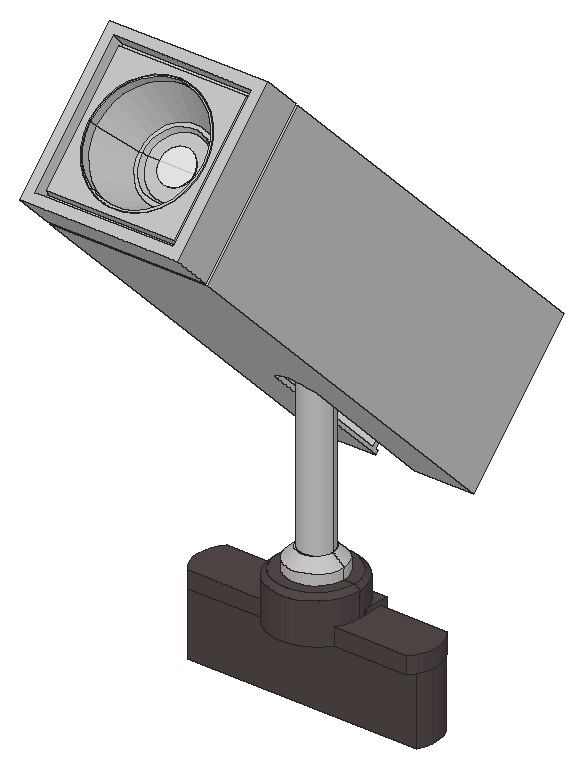
Revit family "CLighting-Luminii-Leto_44_Mini_T", category Lighting Fixtures, host Face, Revit 2020
Family settings
  Host = Face
  Round Connector Dimension = Use Diameter
  Part Type = Normal
  OmniClass Number = 23.80.70.11.14.21
  OmniClass Title = Spots and Tracklight Specialties
  Cut with Voids When Loaded = No
  Light Source = Yes
  Shared = Yes
  Room Calculation Point = No
Parameters (values of type "Leto 44 Mini T")
  Width = 2.50"  # constant formula
  Wattage Comments = "6.1W"
  Wattage = 6.10022 W
  Warranty URL = "https://www.luminii.com/terms-conditions/"
  built-in parameter 1150110 = 1 (stored number, unit not read)
  Voltage Comments = "120V | 277V | 347V"  # constant formula
  Voltage = 120 V
  Version = "2020 - v1.0a"  # constant formula
  URL = "https://www.luminii.com/"
  Track Finish = Metal - Luminii - Black
  built-in parameter 1114217 = 1 (stored number, unit not read)
  Tilt Angle = 90.00°  # constant formula
  built-in parameter 1150109 = 1 (stored number, unit not read)
  built-in parameter 1150134 = (empty or 0)
  built-in parameter 1150113 = 1 (stored number, unit not read)
  Support Phone = "224-699-9545"  # constant formula
  Support Email = "mailto:support@bimsmith.com"
  Photometric Web File = "664-A90-617-30-10-DL.IES"
  Light Rotation Angle [instance] = if(Desired Rotation Angle < -90.00°, 179.00°, if(Desired Rotation Angle > 90.00°, 1.00°, 90.00° - Desired Rotation Angle))  # 90.00°
  Product Page URL = "https://www.luminii.com/product/leto-44-mini-t/"
  Power Source Type = "Driver"  # constant formula
  Power Factor = 1
  Phase = 1
  Operating Temperature = "Consult Manufacturer Website for more Information"  # constant formula
  Number of Poles = if(and(or(Voltage = 120 V, Voltage = 277 V), Phase = 1), 1, if(and(or(Voltage = 208 V, Voltage = 240 V), Phase = 1), 2, if(and(or(Voltage = 208 V, Voltage = 240 V), Phase = 3), 3, if(and(Voltage > 300 V, Phase = 1), 2, if(and(Voltage > 400 V, Phase = 3), 3, 1)))))  # 1
  Mounting Method = "Track Mounted"  # constant formula
  Model = "Consult Manufacturer Website for more Information"  # constant formula
  Manufacturer Phone Number = "403-216-7043"  # constant formula
  Manufacturer Email = "mailto: info@sensolighting.com"
  Manufacturer Address = "302 50 Ave SE. Calgary, Alberta, T2G 2A9 Canada"  # constant formula
  Manufacturer = "Luminii"  # constant formula
  built-in parameter 1150105 = 55.704 (stored number, unit not read)
  Lumens = 700 lm
  Luminaire Type = "Track LED Light"  # constant formula
  built-in parameter 1150115 = 1 (stored number, unit not read)
  Load Classification = Lighting
  Light Tilt Angle [instance] = if(Desired Tilt Angle < 0.00°, 0.00°, if(Desired Tilt Angle > 90.00°, 90.00°, Desired Tilt Angle))  # 45.00°
  built-in parameter 1150137 = (empty or 0)
  built-in parameter 1150139 = (empty or 0)
  Lens Material = Plastic - Luminii - Frosted Lens
  Length [instance] = if(Constraints = 1, 2.87402", if(Constraints = 2, 8.2874", if(Constraints = 3, 13.62205", 2.87402")))  # 8.2874"
  built-in parameter 1150112 = 1 (stored number, unit not read)
  built-in parameter 1150114 = 1 (stored number, unit not read)
  Lamp Life = 1
  Lamp = "LED"  # constant formula
  Keynote = "26 50 00"
  built-in parameter 1150132 = 2
  built-in parameter 1150102 = (empty or 0)
  built-in parameter 1150107 = 3500 (stored number, unit not read)
  Initial Color Comments = "Perfomance based on 3500K Photometric Web File"  # constant formula
  built-in parameter 1150138 = (empty or 0)
  built-in parameter 1150106 = 0.55704 (stored number, unit not read)
  Housing Protection Rating = "Consult Manufacturer Website for more Information"  # constant formula
  Has Dimming = 1 = 1  # yes
  Has Battery Backup = 0 = 1  # no
  Frequency Comments = ""  # constant formula
  Frequency = 60 Hz
  Finish = Metal - Luminii - Silver Anodized Aluminum
  Environment = "Indoor"  # constant formula
  built-in parameter 1150104 = 10.661 (stored number, unit not read)
  Dimming Type = "Consult Manufacturer Website for more Information"  # constant formula
  Dimming Lamp Color Temperature Shift = <None>
  Desired Tilt Angle [instance] = 45.00°
  Desired Rotation Angle [instance] = 0.00°
  Description = "Small Square Track Spotlight"  # constant formula
  Depth = 2.50"  # constant formula
  Default Elevation = 0.00"  # constant formula
  Current Amps = 50 A
  Copyright = "©2023 Luminii"  # constant formula
  Control Zone = "Consult Manufacturer Website for more Information"  # constant formula
  Control Type = "Consult Manufacturer Website for more Information"  # constant formula
  Constraints = 2  # constant formula
  Color Filter = 16777215
  built-in parameter 1114216 [instance] = 0  # (empty or 0)
  built-in parameter 1140040 [instance] = 1 = 1  # 1
  CCT = "3500K"
  built-in parameter 1114218 = 1 (stored number, unit not read)
  built-in parameter 1150133 = 10 (stored number, unit not read)
  Assembly Code = "D5020230"
  Apparent Load = Wattage / Power Factor  # 6.10022 VA
Reference planes (in)
  plane 1 "Center (Front/Back)": y = 0
  plane 2: z = 0
  plane 3 "Center (Left/Right)": x = 0
  plane 4: x = -1.25
  plane 5: x = 1.25
  plane 6: y = 1.25
  plane 7: y = -1.25
  plane 8: z = 0.72835
Forms (in)
  Extrusion 1, solid, material "Metal - Luminii - Silver Anodized Aluminum" <- "Finish", not visible
    sketch origin (0, 0, 0) x (1, 0, 0) y (0, 1, 0)
      loop
        circle (0, 0) r 0.5
    from 0 to -0.17225
  Revolve 2, solid, material "Metal - Luminii - Black" <- "Track Finish"
    sketch origin (0, 0, 0) x (1, 0, 0) y (0, 0, 1)
      loop
        line (0, 0.72835) -> (0, 0) -> (0.68894, 0) -> (0.68894, 0.64961) -> (0.6102, 0.72835) -> (0, 0.72835)
      axis (0, 0.72835) -> (0, 0)
    angle from 0 to 360
  Extrusion 3, solid, material "Metal - Luminii - Black" <- "Track Finish"
    sketch origin (0, 1.24288, 2.16406) x (0, 1, 0) y (-1, 0, 0)
      loop
        arc (-0.83062, 1.74359) -> (-1.22599, 1.89556) -> (-1.61803, 1.73522) r 0.57441
        line (-1.61803, 1.73522) -> (-1.61803, -1.73522)
        arc (-1.61803, -1.73522) -> (-1.22599, -1.89556) -> (-0.83062, -1.74359) r 0.57441
        line (-0.83062, -1.74359) -> (-0.83062, 1.74359)
    from -2.16406 to -1.89635
  Extrusion 4, solid, material "Metal - Luminii - Black" <- "Track Finish"
    sketch origin (0, 1.24288, 2.16406) x (0, 1, 0) y (-1, 0, 0)
      loop
        line (-0.70016, 0.68325) -> (-1.24288, 0.68325) -> (-1.24288, -0.68325) -> (-0.70016, -0.68325) -> (-0.70016, 0.68325)
    from -2.12469 to -1.82942
  Extrusion 5, solid, material "Metal - Luminii - Black" <- "Track Finish"
    sketch origin (0, 0, 0) x (1, 0, 0) y (0, 1, 0)
      loop
        arc (1.81188, -0.27559) -> (1.89499, -0.00322) -> (1.83708, 0.27559) r 0.57441
        line (1.83708, 0.27559) -> (-1.83708, 0.27559)
        arc (-1.83708, 0.27559) -> (-1.89499, -0.00322) -> (-1.81188, -0.27559) r 0.57441
        line (-1.81188, -0.27559) -> (1.81188, -0.27559)
    from -1.06299 to 0
Cuts and joins
  joined: Revolve 2, Extrusion 3
Lines and regions (in)
  reference lines
    curve 1: line (0, 0, 0) -> (0, -3.87223, 0)
    curve 2: line (0, 0, 2.16406) -> (-1.5, 0, 2.16406)
Dimensions and locks (in)
  equal spacing: plane 4, plane 3 "Center (Left/Right)", plane 5
  equal spacing: plane 6, plane 1 "Center (Front/Back)", plane 7
  "Depth": plane 6 to plane 7
  "Width": plane 4 to plane 5
  "Light Rotation Angle": angle curve 1 to plane 1 "Center (Front/Back)"
  locked: curve 2 to curve 1 (angle 90.00°)
  aligned and locked: plane 2 to host face
  aligned and locked: plane 3 "Center (Left/Right)" to Extrusion 1 sketch curve
  aligned and locked: plane 1 "Center (Front/Back)" to Extrusion 1 sketch curve
  aligned and locked: plane 2 to Extrusion 1  (x2)
  aligned and locked: imposter light to plane 3 "Center (Left/Right)"
  aligned and locked: plane 3 "Center (Left/Right)" to curve 1
  aligned and locked: plane 1 "Center (Front/Back)" to curve 1
  aligned and locked: plane 1 "Center (Front/Back)" to curve 2
  aligned and locked: plane 3 "Center (Left/Right)" to curve 2
  aligned and locked: nested 1 to curve 2
  aligned and locked: nested 1 to nested 1
  aligned and locked: plane 8 to nested 1
Automatic sketch dimensions
  host sketch curve to host sketch curve = 96.00"  (x2)
  Revolve 2 sketch curve to plane 3 "Center (Left/Right)" = 0.00"  (x2)
  Revolve 2 sketch curve to level = 0.00"
  plane 3 "Center (Left/Right)" to Revolve 2 sketch curve = 0.6102"
  Revolve 2 sketch curve to Revolve 2 sketch curve = 0.07874"  (x2)
  Revolve 2 sketch curve to Revolve 2 sketch curve = 0.64961"
  Revolve 2 sketch curve to Revolve 2 sketch curve = 0.72612"
  Revolve 2 sketch curve to Revolve 2 sketch curve = 0.25"
  plane 1 "Center (Front/Back)" to Extrusion 3 sketch curve = 0.37514"
  Extrusion 3 sketch curve to plane 1 "Center (Front/Back)" = 0.02301"  (x2)
  plane 5 to Extrusion 3 sketch curve = 0.07118"
  Extrusion 3 sketch curve to plane 4 = 0.07118"
  Extrusion 3 sketch curve to plane 4 = 0.48522"
  Extrusion 3 sketch curve to plane 1 "Center (Front/Back)" = 0.41226"
  plane 5 to Extrusion 3 sketch curve = 0.48522"
  plane 1 "Center (Front/Back)" to Extrusion 4 sketch curve = 0.00"
  Extrusion 4 sketch curve to plane 1 "Center (Front/Back)" = 0.54273"
  Extrusion 4 sketch curve to plane 5 = 0.56675"
  plane 4 to Extrusion 4 sketch curve = 0.56675"
  Extrusion 5 sketch curve to plane 1 "Center (Front/Back)" = 0.27559"
  Extrusion 5 sketch curve to Extrusion 5 sketch curve = 0.02519"  (x2)
  Extrusion 5 sketch curve to plane 1 "Center (Front/Back)" = 0.02301"  (x2)
  Extrusion 5 sketch curve to plane 4 = 0.07118"
  plane 5 to Extrusion 5 sketch curve = 0.07118"
  plane 1 "Center (Front/Back)" to Extrusion 5 sketch curve = 0.27559"
  radius of Extrusion 1 sketch curve = 0.50"
Nested families (in)
  nested 1: "Nested - Tilting Lamp" at (0, 0, 0) x (-1, 0, 0) z (0, 0, 1), type "Default"
Connectors (in)
  electrical at (0, 0, 0), driven by "Number of Poles", driven by "Load Classification", driven by "Voltage", driven by "Apparent Load", driven by "Power Factor"
    settings: on Extrusion 1, index 1, voltage 120 V, apparent load 6.10022 VA, apparent load phase1 0 VA, apparent load phase2 0 VA, apparent load phase3 0 VA, power factor 1, load classification "Lighting", number of poles 1, system type 30, power factor state 1, is connector primary yes, connector utility no, sub classification motor no, connector description "Power Connection"
Definition of nested family "Nested - Tilting Lamp"
  Parameters (values of type "Default")
    Wattage = 6.10022 W
    built-in parameter 1150110 = 1 (stored number, unit not read)
    built-in parameter 1114217 = 1 (stored number, unit not read)
    Tilt Angle = 45.00°
    built-in parameter 1010505 = 90.00°
    built-in parameter 1150109 = 1 (stored number, unit not read)
    built-in parameter 1150134 = (empty or 0)
    built-in parameter 1150113 = 1 (stored number, unit not read)
    Screen Material = none
    Photometric Web File = ""
    built-in parameter 1150142 = (empty or 0)
    built-in parameter 1150105 = 55.704 (stored number, unit not read)
    Lumens = 700 lm
    built-in parameter 1150115 = 1 (stored number, unit not read)
    built-in parameter 1150137 = (empty or 0)
    built-in parameter 1150139 = (empty or 0)
    built-in parameter 1150112 = 1 (stored number, unit not read)
    built-in parameter 1150114 = 1 (stored number, unit not read)
    Inner Screen = none
    built-in parameter 1150132 = 2
    built-in parameter 1150102 = (empty or 0)
    built-in parameter 1150107 = 3500 (stored number, unit not read)
    built-in parameter 1150138 = (empty or 0)
    built-in parameter 1150106 = 0.55704 (stored number, unit not read)
    Finish = none
    built-in parameter 1150104 = 10.661 (stored number, unit not read)
    Dimming Lamp Color Temperature Shift = (empty or 0)
    Default Elevation = 48.00"
    Color Filter = 16777215
    built-in parameter 1114218 = 1 (stored number, unit not read)
    built-in parameter 1150133 = 10 (stored number, unit not read)
  Reference planes (in)
    plane 1 "Center (Front/Back)": y = 0
    plane 2: z = 0
    plane 3 "Center (Left/Right)": x = 0
    plane 4: z = 3.76034
  Forms (in)
    Extrusion 1, solid
      sketch origin (0, 0, 0) x (1, 0, 0) y (0, 1, 0)
        loop
          line (-48, 48) -> (-48, -48) -> (48, -48) -> (48, 48) -> (-48, 48)
      from 0 to -12
    Revolve 2, solid, detail levels medium+fine
      sketch origin (0, 0, 0) x (1, 0, 0) y (0, 0, 1)
        loop
          line (-0.43834, 0.72835) -> (0, 0.72835) -> (0, 1.05385) -> (-0.27578, 1.05385) -> (-0.43834, 0.89129) -> (-0.43834, 0.72835)
        axis (0, 1.05385) -> (0, 0.72835)
      angle from 0 to 360
    Revolve 3, solid
      sketch origin (0, 0, 0) x (1, 0, 0) y (0, 0, 1)
        loop
          line (-0.25571, 1.05385) -> (0, 1.05385) -> (0, 3.95739) -> (-0.25571, 3.95739) -> (-0.25571, 1.05385)
        axis (0, 3.95739) -> (0, 1.05385)
      angle from 0 to 360
    Extrusion 4, void
      sketch origin (0, 0, 0) x (1, 0, 0) y (0, 0, 1)
        loop
          line (0.11811, 3.63669) -> (0.11811, 4.03544) -> (-0.11811, 4.03544) -> (-0.11811, 3.63669)
          arc (-0.11811, 3.63669) -> (0, 3.57972) -> (0.11811, 3.63669) r 0.15091
      from -1.15638 to 12
    Revolve 5, solid, detail levels coarse
      sketch origin (0, 0, 0) x (1, 0, 0) y (0, 0, 1)
        loop
          line (-0.43834, 0.72835) -> (0, 0.72835) -> (0, 1.05385) -> (-0.43834, 1.05385) -> (-0.43834, 0.72835)
        axis (0, 1.05385) -> (0, 0.72835)
      angle from 0 to 360
  Cuts and joins
    Extrusion 4 cuts Revolve 3
  Lines and regions (in)
    model lines
      curve 1: circle (0, 0, 3.76034) r 0.0398 normal (1, 0, 0)
    reference lines
      curve 2: line (0, 0, 3.76034) -> (0, 2.47487, 1.28546)
  Dimensions and locks (in)
    "Tilt Angle": angle curve 2 to plane 1 "Center (Front/Back)"
    aligned and locked: plane 2 to Extrusion 1
    aligned and locked: level to Extrusion 1
    aligned and locked: plane 4 to curve 2
    aligned and locked: plane 1 "Center (Front/Back)" to curve 2
  Automatic sketch dimensions
    curve 1 to plane 1 "Center (Front/Back)" = 0.00"
    plane 4 to curve 1 = 0.00"
    Extrusion 1 sketch curve to Extrusion 1 sketch curve = 96.00"  (x2)
    Revolve 2 sketch curve to plane 3 "Center (Left/Right)" = 0.00"  (x2)
    Revolve 2 sketch curve to plane 3 "Center (Left/Right)" = 0.27578"
    Revolve 2 sketch curve to Revolve 2 sketch curve = 0.16256"  (x2)
    level to Revolve 2 sketch curve = 0.72835"
    Revolve 2 sketch curve to Revolve 2 sketch curve = 0.16294"
    Revolve 2 sketch curve to Revolve 2 sketch curve = 0.13602"
    Revolve 2 sketch curve to Revolve 2 sketch curve = 0.22317"
    Revolve 3 sketch curve to plane 3 "Center (Left/Right)" = 0.00"  (x2)
    Revolve 3 sketch curve to Revolve 3 sketch curve = 0.25571"
    level to Revolve 3 sketch curve = 1.05385"
    Revolve 3 sketch curve to plane 4 = 0.19705"
    Revolve 3 sketch curve to Revolve 3 sketch curve = 0.46152"
    Revolve 3 sketch curve to Revolve 3 sketch curve = 0.22317"
    Extrusion 4 sketch curve to plane 3 "Center (Left/Right)" = 0.00"
    Extrusion 4 sketch curve to plane 3 "Center (Left/Right)" = 0.11811"
    plane 3 "Center (Left/Right)" to Extrusion 4 sketch curve = 0.11811"
    plane 4 to Extrusion 4 sketch curve = 0.12365"
    plane 4 to Extrusion 4 sketch curve = 0.02971"
    Extrusion 4 sketch curve to plane 4 = 0.2751"
    Revolve 5 sketch curve to plane 3 "Center (Left/Right)" = 0.00"  (x2)
    Revolve 5 sketch curve to plane 3 "Center (Left/Right)" = 0.43834"
    level to Revolve 5 sketch curve = 0.72835"
    Revolve 5 sketch curve to Revolve 5 sketch curve = 0.13602"
    Revolve 5 sketch curve to Revolve 5 sketch curve = 0.22317"
    Revolve 5 sketch curve to Revolve 5 sketch curve = 0.3255"
    radius of curve 1 = 0.0398"
  Nested families (in)
    nested 1: "Nested - Lamp" at (0, -0.55678, 4.31712) x (1, 0, 0) z (0, 0.7071, 0.7071), type "Nested - Lamp"
      with Wattage 6.10022 W, Lumens 700 lm
  Definition of nested family "Nested - Lamp"
    Parameters (values of type "Nested - Lamp")
      Wattage = 7.9186 W
      built-in parameter 1150110 = 1 (stored number, unit not read)
      built-in parameter 1114217 = 1 (stored number, unit not read)
      Tilt Angle = -90.00°
      built-in parameter 1150109 = 1 (stored number, unit not read)
      built-in parameter 1150134 = (empty or 0)
      built-in parameter 1150113 = 1 (stored number, unit not read)
      Screen Material = none
      Photometric Web File = "664-A90-617-30-07-DL.IES"
      built-in parameter 1150105 = 54.192 (stored number, unit not read)
      Lumens = 681 lm
      built-in parameter 1150115 = 1 (stored number, unit not read)
      built-in parameter 1150137 = (empty or 0)
      built-in parameter 1150139 = (empty or 0)
      built-in parameter 1150112 = 1 (stored number, unit not read)
      built-in parameter 1150114 = 1 (stored number, unit not read)
      Inner Screen = none
      built-in parameter 1150132 = 2
      built-in parameter 1150102 = (empty or 0)
      built-in parameter 1150107 = 3500 (stored number, unit not read)
      built-in parameter 1150138 = (empty or 0)
      built-in parameter 1150106 = 0.54192 (stored number, unit not read)
      Height = if(Constraint = 1, 2.87402", if(Constraint = 2, 8.2874", if(Constraint = 3, 13.62205", 2.87402")))  # 8.2874"
      Finish = none
      built-in parameter 1150104 = 7.9897 (stored number, unit not read)
      Dimming Lamp Color Temperature Shift = (empty or 0)
      Default Elevation = 48.00"
      Constraint = 2  # constant formula
      Color Filter = 16777215
      built-in parameter 1114218 = 1 (stored number, unit not read)
      built-in parameter 1150133 = 10 (stored number, unit not read)
    Reference planes (in)
      plane 1 "Center (Front/Back)": y = 0
      plane 2: z = 0
      plane 3 "Center (Left/Right)": x = 0
      plane 4: y = 1.25
      plane 5: y = -1.25
      plane 6: x = -1.25
      plane 7: x = 1.25
      plane 8: z = 2.67303
      plane 9: z = 5.61438
      plane 10: y = 0.7874
      plane 11: z = -2.67303
    Forms (in)
      Extrusion 1, solid
        sketch origin (0, 0, 0) x (1, 0, 0) y (0, 1, 0)
          loop
            line (-48, 48) -> (-48, -48) -> (48, -48) -> (48, 48) -> (-48, 48)
        from 0 to -12
      Sweep 2, solid, material <- "Finish"
        path origin (-0.03362, 1.25, 5.61438) x (0, 1, 0) y (-1, 0, 0)
          loop
            line (0, -1.28362) -> (0, 1.21638) -> (-2.5, 1.21638) -> (-2.5, -1.28362) -> (0, -1.28362)
        profile origin (1.25, 0, 5.61438) x (1, 0, 0) y (0, 0, 1)
          loop
            line (0, -0.84646) -> (-0.05906, -0.84646) -> (-0.05906, -0.7874) -> (0, -0.7874) -> (0, 0) -> (-0.15401, 0) -> (-0.18209, -0.22867) -> (-0.22146, -0.22867) -> (-0.23866, -0.08858) -> (-0.28021, -0.08858) -> (-0.28021, -0.87126) -> (-0.05906, -0.87126) -> (-0.05906, -8.2874) -> (0, -8.2874) -> (0, -0.84646)
      Revolve 3, solid
        sketch origin (-0.49058, 0, 4.62606) x (1, 0, 0) y (0, 0, 1)
          loop
            line (0.98116, 0) -> (1.02442, 0.07493) -> (1.09056, 0.07493) -> (1.40417, 0.74746) -> (1.40417, 0.89973) -> (1.37267, 0.89973) -> (1.37267, 0.75444) -> (1.07049, 0.10642) -> (1.00624, 0.10642) -> (0.96298, 0.0315) -> (0.49058, 0.0315) -> (0.49058, 0) -> (0.98116, 0)
          axis (0.49058, 0.89973) -> (0.49058, 0)
        angle from 0 to 360
      Extrusion 4, solid, material <- "Screen Material"
        sketch origin (0, 0, 4.65756) x (1, 0, 0) y (0, 1, 0)
          loop
            circle (0, 0) r 0.27714
        from 0 to 0.01969
      Extrusion 5, solid, material <- "Finish"
        sketch origin (0, 0, -2.67303) x (1, 0, 0) y (0, 1, 0)
          loop
            line (-1.25, 1.25) -> (-1.25, -1.25) -> (1.25, -1.25) -> (1.25, 1.25) -> (-1.25, 1.25)
        from 0.05835 to 0.11811
      Extrusion 6, void
        sketch origin (-1.25, 4.20276, -2.67303) x (0, 0, -1) y (-1, 0, 0)
          loop
            line (0, -0.93504) -> (-2.72992, -0.93504)
            arc (-2.72992, -0.93504) -> (-3.04488, -1.25) -> (-2.72992, -1.56496) r 0.31496
            line (-2.72992, -1.56496) -> (0, -1.56496) -> (0, -0.93504)
        from -3.73031 to 9.84252
      Extrusion 7, solid, material <- "Finish"
        sketch origin (0, 0.7874, -3.76034) x (0, 1, 0) y (0, 0, 1)
          loop
            line (0.15256, 4.42983) -> (-0.15256, 4.42983) -> (-0.15256, 3.88476)
            arc (-0.15256, 3.88476) -> (0, 3.56348) -> (0.15256, 3.88476) r 0.19686
            line (0.15256, 3.88476) -> (0.15256, 4.42983)
        from -0.11516 to 0.11516
      Extrusion 8, solid, material <- "Finish"
        sketch origin (0, 0.7874, -3.76034) x (0, 1, 0) y (0, 0, 1)
          loop
            line (0.27559, 4.17464) -> (-0.47315, 4.17464) -> (-0.47315, 1.20542) -> (-0.41339, 1.20542) -> (-0.41339, 4.11487) -> (0.27559, 4.11487) -> (0.27559, 4.17464)
        from -0.70866 to 0.70866
      Extrusion 9, solid, material <- "Finish"
        sketch origin (0.96979, 0.96979, 5.52579) x (0, -1, 0) y (1, 0, 0)
          loop
            circle (0.96979, -0.96979) r 0.91358
          loop
            line (0, -1.93957) -> (1.93957, -1.93957) -> (1.93957, 0) -> (0, 0) -> (0, -1.93957)
        from 0 to -0.19685
    Cuts and joins
      Extrusion 6 cuts Sweep 2
      Extrusion 6 cuts Extrusion 5
      joined: Sweep 2, Extrusion 5, Extrusion 9
    Lines and regions (in)
      reference lines
        curve 1: line (-0.49058, 0, 4.62606) -> (1.84174, 0, 4.62606)
    Dimensions and locks (in)
      locked: curve 1 to plane 9 at 0.98831
      aligned and locked: plane 2 to Extrusion 1
      aligned and locked: level to Extrusion 1
